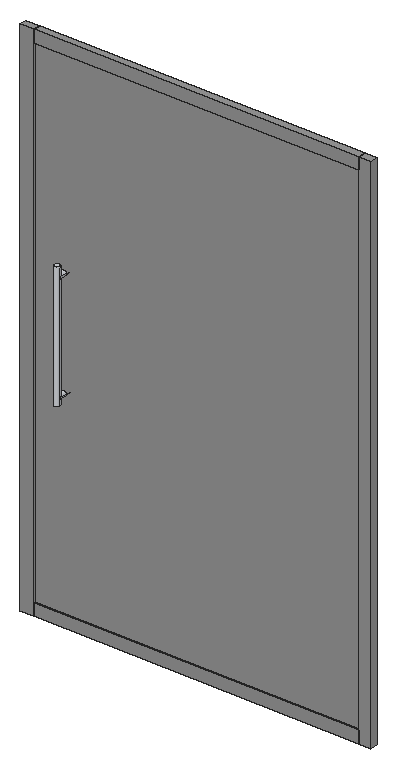
Revit family "MAMPARA AURA 1300X1950", category Generic Models, Revit 2019
Family settings
  Can host rebar = No
  Round Connector Dimension = Use Diameter
  Part Type = Normal
  Work Plane-Based = No
  Always vertical = Yes
  Cut with Voids When Loaded = No
  Shared = No
  Room Calculation Point = No
Reference planes
  plane 1 "Center (Front/Back)": y = 0
  plane 2: z = 0
  plane 3 "Center (Left/Right)": x = 0
Forms (mm)
  Extrusion 1, solid
    sketch origin (0, 0, 0) x (1, 0, 0) y (0, 0, 1)
      loop
        line (-50, 0) -> (0, 0) -> (0, 1950) -> (-50, 1950) -> (-50, 0)
      loop
        line (1250, 1950) -> (1205.658, 1950) -> (1205.658, 0) -> (1250, 0) -> (1250, 1950)
    from 50.405 to 78.518
  Extrusion 2, solid
    sketch origin (0, 0, 0) x (1, 0, 0) y (0, 0, 1)
      loop
        line (0, 1950) -> (0, 1905) -> (1205.658, 1905) -> (1205.658, 1950) -> (0, 1950)
      loop
        line (0, 0) -> (1205.658, 0) -> (1205.658, 45) -> (0, 45) -> (0, 0)
    from 50.405 to 78.518
  Extrusion 3, solid
    sketch origin (0, 0, 0) x (1, 0, 0) y (0, 0, 1)
      loop
        line (0, 1905) -> (0, 45) -> (1205.658, 45) -> (1205.658, 1905) -> (0, 1905)
    from 58.66 to 70.899
  Extrusion 4, solid
    sketch origin (0, 0, 0) x (1, 0, 0) y (0, 0, 1)
      loop
        circle (105, 1175) r 10
      loop
        circle (105, 775) r 10
    from 50.405 to 104.205
  Extrusion 5, solid
    sketch origin (0, 0, 0) x (1, 0, 0) y (0, 1, 0)
      loop
        circle (105, -101.122) r 10
    from 750.786 to 1211.594
Dimensions and locks
  aligned and locked: level to plane 2
